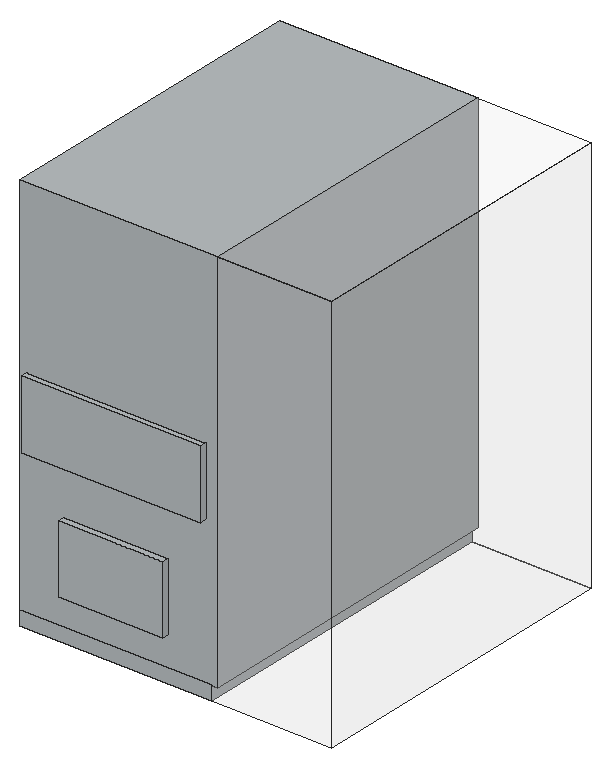
Revit family "lp-750x4-60_60Hz", category 機械設備, Revit 2019
Family settings
  丸型コネクタ寸法 = 直径を使用
  パーツ タイプ = 標準
  OmniClass 番号 = 23.75.10.34.21
  OmniClass タイトル = Heat Exchangers for Ventilation Air
  作業面ベース = いいえ
  常に垂直 = はい
  ロード時にボイドで切り取り = いいえ
  共有 = いいえ
  部屋計算ポイント = はい
Parameters (values of type "LP-750X4-60")
  騒音レベル(dB(A)) = 58.5
  風量 = 7500.0 m³/h
  面風速 = 7.75 m/s
  電源種別 [instance] = ""
  電圧 = 200 V
  電動機出力 = 3.7 W
  集中コントローラ = ""
  運転質量 = 0.00 kg
  連動 [instance] = ""
  質量 = if(製品質量 > 運転質量, 製品質量, 運転質量) * 1.2  # 1002.00 kg
  負荷分類 = 3_ファン類
  説明 = "設備用ロスナイ ビル用ロスナイパック形"
  設計風量 = 0.0 m³/h
  設置方法 = "床置形"
  記号 [instance] = ""
  製造元 = "三菱電機株式会社"
  製品質量 = 835.00 kg
  製品出荷対象 = "国内"
  製品リリース年月 = "2018/7/25"
  製品グループ = ""
  系統 [instance] = ""
  符号 = "HEU"
  積算_科目 = "1 空気調和設備"
  積算_拾い区分 [instance] = ""
  相 = 3
  盤記号 [instance] = ""
  発停方法 [instance] = ""
  特殊仕様 [instance] = ""
  火災停止 [instance] = ""
  温度交換効率 = 77.00%
  消費電力 = 7000 W
  法定耐用年数 = "15"
  機外静圧_排気 = 385.0 Pa
  機外静圧 = 385.0 Pa
  極数 = 3
  材質 [instance] = ""
  本体固定用穴ピッチ2 = 565 mm
  本体固定用穴ピッチ1 = 1930 mm
  本体固定用穴_径 = 20 mm
  本体マテリアル = 溶融亜鉛めっき鋼板
  操作・制御方式 = ""
  操作・制御スイッチ = ""
  排気量 = 0.0 m³/h
  形式 = "床置形"
  幹線記号 [instance] = ""
  対象室 [instance] = ""
  実風量 = 0.0 m³/h
  始動方式 [instance] = "直入"
  外気量 = 0.0 m³/h
  呼称 = "全熱交換ユニット"
  周波数 = 60 Hz
  参照している仕様書等のバージョン = ""
  初期抵抗 = 0.0 Pa
  分類コード = "50052504100050"
  分類グループ = ""
  価格 = 9710000
  企業コード = "108420"
  付属品_フィルター_還気 = ""
  付属品_フィルター = ""
  付属品 [instance] = ""
  仕様書バージョン = "Version1.0"
  モデル = "LP-750X4-60"
  メンテナンススペース = yes
  コメント [instance] = ""
  Keynote = ""
  エンタルピ交換効率_暖房 = 66.00%
  エンタルピ交換効率_冷房 = 60.00%
  Assembly Code = ""
  Width = 1218 mm
  W1 = 1180 mm
  Version = ""
  Uniclass2015Version = "Systems v1.9"
  Uniclass2015Title = "Thermal wheels"
  Uniclass2015Code = "Pr_60_60_36_88"
  URL = "https://www.mitsubishielectric.co.jp/ldg/wink/ssl/displayProduct.do?pid=294067"
  SpecificationReference = ""
  SpecificationDescription = ""
  SAサイズ_W = 640 mm
  SAサイズ_D = 420 mm
  Revision = ""
  RAダクト接続_通常 = yes
  RAダクト接続_変更3 = no
  RAダクト接続_変更2 = no
  RAダクト接続_変更1 = no
  RAサイズ_W = 1100 mm
  RAサイズ_D = 420 mm
  ProductInformation = ""
  OmniClassCode = "23-27 23 19 11"
  OAダクト接続_通常 = yes
  OAダクト接続_変更3 = no
  OAダクト接続_変更2 = no
  OAダクト接続_変更1 = no
  OAサイズ_W = 1100 mm
  OAサイズ_D = 420 mm
  MIN風量 = 0.0 m³/h
  MIN静圧 = 0.0 Pa
  MID風量 = 0.0 m³/h
  MID静圧 = 0.0 Pa
  MAX風量 = 7500.0 m³/h
  MAX静圧 = 385.0 Pa
  IfcTypeProduct = ""
  IfcProduct = ""
  IfcExportType = "ROTARYWHEEL"
  IfcExportAs = "IfcAirToAirHeatRecoveryType"
  Height = 2370 mm
  H1 = 90 mm
  EAサイズ_W = 640 mm
  EAサイズ_D = 420 mm
  Duct_SA_W = 273 mm
  Duct_SA_H = 274 mm
  Duct_RA_W = 43 mm
  Duct_RA_H = 296 mm
  Duct_RA_D = 49 mm
  Duct_Pitch1 = 80 mm
  Duct_OA_W = 43 mm
  Duct_OA_H = 296 mm
  Duct_OA_D = 49 mm
  Duct_Height = 41 mm
  Duct_EA_W = 273 mm
  Duct_EA_H = 274 mm
  Depth = 2000 mm
  D1 = 2000 mm
  Clearance Top = 0 mm
  Clearance Right = 700 mm
  Clearance Left = 0 mm
  Clearance Front = 0 mm
  Clearance Bottom = 0 mm
  Clearance Back = 0 mm
  Author = "三菱電機株式会社"
Reference planes
  plane 1 "中心(正面/背面)": y = 0
  plane 2: z = 0
  plane 3 "中心(左/右)": x = 0
  plane 4: x = 590
  plane 5: x = 628
  plane 6: y = 1000
  plane 7: y = 1000
  plane 8: y = -1000
  plane 9: y = -1000
  plane 10: x = -590
  plane 11: x = -590
  plane 12: y = 741
  plane 13: y = -741
  plane 14: y = -531
  plane 15: y = -951
  plane 16: y = 951
  plane 17: y = 531
  plane 18: x = -547
  plane 19: x = 553
  plane 20: z = 90
  plane 21: z = 2460
  plane 22: z = 2501
  plane 23: y = 565
  plane 24: y = -565
  plane 25: x = -965
  plane 26: x = 965
  plane 27: x = 1328
  plane 28: x = -590
  plane 29: y = 1000
  plane 30: y = -1000
  plane 31: z = 2460
  plane 32: z = 0
  plane 33: x = -317
  plane 34: x = 323
  plane 35: z = 274
  plane 36: z = 694
  plane 37: z = 990
  plane 38: z = 1410
  plane 39: x = -547
  plane 40: x = 553
  plane 41: y = -1041
  plane 42: y = 1041
  plane 43: x = -317
  plane 44: x = 323
  plane 45: z = 274
  plane 46: z = 694
  plane 47: z = 990
  plane 48: z = 1410
  plane 49: z = 1490
  plane 50: z = 1910
  plane 51: z = 1910
  plane 52: z = 1490
  plane 53: z = 1990
  plane 54: z = 1990
  plane 55: z = 2410
  plane 56: z = 2410
Forms (mm)
  Extrusion 1, solid, material "溶融亜鉛めっき鋼板" <- "本体マテリアル", detail levels fine
    sketch origin (0, 0, 0) x (1, 0, 0) y (0, 1, 0)
      loop
        line (-590, 1000) -> (-590, -1000) -> (628, -1000) -> (628, 1000) -> (-590, 1000)
    from 90 to 2460
  Extrusion 2, solid, material "溶融亜鉛めっき鋼板" <- "本体マテリアル", detail levels fine
    sketch origin (0, 0, 0) x (1, 0, 0) y (0, 1, 0)
      loop
        line (-590, 1000) -> (-590, -1000) -> (590, -1000) -> (590, 1000) -> (-590, 1000)
    from 0 to 90
  Extrusion 3, solid, material "溶融亜鉛めっき鋼板" <- "本体マテリアル", visible <- "RAダクト接続_変更1", detail levels fine
    sketch origin (0, 0, 0) x (1, 0, 0) y (0, 1, 0)
      loop
        line (-547, -951) -> (553, -951) -> (553, -531) -> (-547, -531) -> (-547, -951)
    from 2460 to 2501
  Extrusion 4, solid, material "溶融亜鉛めっき鋼板" <- "本体マテリアル", visible <- "OAダクト接続_変更1", detail levels fine
    sketch origin (0, 0, 0) x (1, 0, 0) y (0, 1, 0)
      loop
        line (-547, 951) -> (-547, 531) -> (553, 531) -> (553, 951) -> (-547, 951)
    from 2460 to 2501
  Extrusion 5, solid, material "溶融亜鉛めっき鋼板" <- "本体マテリアル", detail levels fine
    sketch origin (0, 0, 0) x (1, 0, 0) y (0, 0, 1)
      loop
        line (-317, 274) -> (323, 274) -> (323, 694) -> (-317, 694) -> (-317, 274)
    from 1000 to 1041
  Extrusion 6, solid, material "溶融亜鉛めっき鋼板" <- "本体マテリアル", detail levels fine
    sketch origin (0, 0, 0) x (1, 0, 0) y (0, 0, 1)
      loop
        line (323, 694) -> (-317, 694) -> (-317, 274) -> (323, 274) -> (323, 694)
    from -1041 to -1000
  Extrusion 7, solid, material "溶融亜鉛めっき鋼板" <- "本体マテリアル", visible <- "OAダクト接続_通常", detail levels fine
    sketch origin (0, -420, 0) x (1, 0, 0) y (0, 0, 1)
      loop
        line (-547, 990) -> (553, 990) -> (553, 1410) -> (-547, 1410) -> (-547, 990)
    from -1461 to -1420
  Extrusion 8, solid, material "溶融亜鉛めっき鋼板" <- "本体マテリアル", visible <- "RAダクト接続_通常", detail levels fine
    sketch origin (0, 240, 0) x (1, 0, 0) y (0, 0, 1)
      loop
        line (-547, 1410) -> (-547, 990) -> (553, 990) -> (553, 1410) -> (-547, 1410)
    from 1240 to 1281
  Extrusion 9, solid, material "溶融亜鉛めっき鋼板" <- "本体マテリアル", visible <- "OAダクト接続_変更3", detail levels fine
    sketch origin (0, 0, 0) x (1, 0, 0) y (0, 0, 1)
      loop
        line (553, 1490) -> (553, 1910) -> (-547, 1910) -> (-547, 1490) -> (553, 1490)
    from -1041 to -1000
  Extrusion 10, solid, material "溶融亜鉛めっき鋼板" <- "本体マテリアル", visible <- "RAダクト接続_変更3", detail levels fine
    sketch origin (0, 0, 0) x (1, 0, 0) y (0, 0, 1)
      loop
        line (553, 1490) -> (553, 1910) -> (-547, 1910) -> (-547, 1490) -> (553, 1490)
    from 1000 to 1041
  Extrusion 11, solid, material "溶融亜鉛めっき鋼板" <- "本体マテリアル", visible <- "RAダクト接続_変更2"
    sketch origin (0, 0, 0) x (1, 0, 0) y (0, 0, 1)
      loop
        line (-547, 1990) -> (553, 1990) -> (553, 2410) -> (-547, 2410) -> (-547, 1990)
    from 1000 to 1041
  Extrusion 12, solid, material "溶融亜鉛めっき鋼板" <- "本体マテリアル", visible <- "OAダクト接続_変更2"
    sketch origin (0, 0, 0) x (1, 0, 0) y (0, 0, 1)
      loop
        line (-547, 1990) -> (553, 1990) -> (553, 2410) -> (-547, 2410) -> (-547, 1990)
    from -1041 to -1000
Lines and regions (mm)
  Masking region 1, detail levels coarse+medium
    outline origin (1331.5, 88, 0) x (1, 0, 0) y (0, 1, 0)
      loop
        line (-1921.5, 912) -> (-1921.5, -1088) -> (-741.5, -1088) -> (-741.5, 912) -> (-1921.5, 912)
  symbolic lines, detail levels coarse+medium
    curve 1: line (0, 1000, 0) -> (-590, 0, 0)
    curve 2: line (-590, 0, 0) -> (0, -1000, 0)
    curve 3: line (0, -1000, 0) -> (590, 0, 0)
    curve 4: line (0, 1000, 0) -> (590, 0, 0)
Dimensions and locks
  equal spacing: plane 10, plane 3 "中心(左/右)", plane 4
  "W1": plane 10 to plane 4
  "Width": plane 11 to plane 5
  equal spacing: plane 7, plane 1 "中心(正面/背面)", plane 9
  "D1": plane 7 to plane 9
  equal spacing: plane 6, plane 1 "中心(正面/背面)", plane 8
  "Depth": plane 6 to plane 8
  equal spacing: plane 15, plane 13, plane 14
  "RAサイズ_D": plane 15 to plane 14
  equal spacing: plane 17, plane 12, plane 16
  "OAサイズ_D": plane 17 to plane 16
  "RAサイズ_W": plane 18 to plane 19
  locked: plane 11 to plane 10 at 0
  "H1": plane 20 to level
  "Height": plane 21 to plane 20
  "Duct_Height": plane 22 to plane 21
  "本体固定用穴ピッチ2": plane 1 "中心(正面/背面)" to plane 23
  "本体固定用穴ピッチ2": plane 24 to plane 1 "中心(正面/背面)"
  equal spacing: plane 25, plane 3 "中心(左/右)", plane 26
  "本体固定用穴ピッチ1": plane 25 to plane 26
  "Clearance Right": plane 5 to plane 27
  "Clearance Left": plane 28 to plane 11
  "Clearance Back": plane 29 to plane 6
  "Clearance Front": plane 8 to plane 30
  "Clearance Top": plane 31 to plane 21
  "Clearance Bottom": level to plane 32
  "Duct_RA_D": plane 8 to plane 15
  "Duct_OA_D": plane 6 to plane 16
  "Duct_SA_H": plane 35 to level
  "SAサイズ_D": plane 36 to plane 35
  "Duct_RA_H": plane 37 to plane 36
  "RAサイズ_D": plane 38 to plane 37
  "OAサイズ_W": plane 39 to plane 40
  "Duct_OA_W": plane 11 to plane 39
  "Duct_RA_W": plane 11 to plane 18
  "Duct_Height": plane 8 to plane 41
  "SAサイズ_W": plane 34 to plane 33
  "Duct_Height": plane 42 to plane 6
  "Duct_SA_W": plane 33 to plane 11
  "EAサイズ_D": plane 46 to plane 45
  "Duct_EA_H": plane 45 to level
  "Duct_EA_W": plane 43 to plane 11
  "EAサイズ_W": plane 44 to plane 43
  "OAサイズ_D": plane 48 to plane 47
  "Duct_OA_H": plane 47 to plane 46
  "Duct_Pitch1": plane 49 to plane 38
  "RAサイズ_D": plane 50 to plane 49
  "Duct_Pitch1": plane 52 to plane 48
  "OAサイズ_D": plane 51 to plane 52
  "Duct_Pitch1": plane 53 to plane 50
  "RAサイズ_D": plane 55 to plane 53
  "Duct_Pitch1": plane 54 to plane 51
  "OAサイズ_D": plane 56 to plane 54
  aligned and locked: level to plane 2
  aligned and locked: Extrusion 1 sketch curve to plane 6
  aligned and locked: plane 10 to Extrusion 1 sketch curve
  aligned and locked: Extrusion 1 sketch curve to plane 8
  aligned and locked: Extrusion 2 sketch curve to plane 7
  aligned and locked: plane 11 to Extrusion 2 sketch curve
  aligned and locked: Extrusion 2 sketch curve to plane 9
  aligned and locked: plane 15 to Extrusion 3 sketch curve
  aligned and locked: Extrusion 3 sketch curve to plane 18
  aligned and locked: plane 14 to Extrusion 3 sketch curve
  aligned and locked: Extrusion 3 sketch curve to plane 19
  aligned and locked: plane 9 to Masking region 1
  aligned and locked: Masking region 1 to plane 11
  aligned and locked: plane 7 to Masking region 1
  aligned and locked: Masking region 1 to curve 1
  aligned and locked: Masking region 1 to curve 2
  aligned and locked: plane 20 to Extrusion 2
  aligned and locked: plane 21 to Extrusion 1
  aligned and locked: Extrusion 1 to plane 20
  aligned and locked: plane 22 to Extrusion 3
  aligned and locked: Extrusion 3 to plane 21
  aligned and locked: plane 27 to nested 1
  aligned and locked: nested 1 to plane 30
  aligned and locked: nested 1 to plane 29
  aligned and locked: nested 1 to plane 31
  aligned and locked: nested 1 to plane 32
  aligned and locked: plane 9 to curve 2
  aligned and locked: plane 3 "中心(左/右)" to curve 3
  aligned and locked: plane 4 to curve 3
  aligned and locked: plane 3 "中心(左/右)" to curve 4
  aligned and locked: plane 1 "中心(正面/背面)" to curve 4
  aligned and locked: nested 2 to plane 24
  aligned and locked: plane 25 to nested 2
  aligned and locked: nested 2 to plane 26
  aligned and locked: plane 25 to nested 3
  aligned and locked: nested 3 to plane 26
  aligned and locked: plane 1 "中心(正面/背面)" to nested 3
  aligned and locked: plane 25 to nested 4
  aligned and locked: nested 4 to plane 26
  aligned and locked: nested 4 to plane 23
  aligned and locked: nested 1 to plane 28
  aligned and locked: Masking region 1 to plane 4
  aligned and locked: plane 4 to Extrusion 2 sketch curve
  aligned and locked: plane 5 to Extrusion 1 sketch curve
  aligned and locked: Extrusion 4 sketch curve to plane 16
  aligned and locked: plane 18 to Extrusion 4 sketch curve
  aligned and locked: Extrusion 4 sketch curve to plane 17
  aligned and locked: plane 22 to Extrusion 4
  aligned and locked: Extrusion 4 to plane 21
  aligned and locked: Extrusion 5 sketch curve to plane 35
  aligned and locked: Extrusion 5 sketch curve to plane 33
  aligned and locked: plane 36 to Extrusion 5 sketch curve
  aligned and locked: Extrusion 5 sketch curve to plane 34
  aligned and locked: Extrusion 5 to plane 41
  aligned and locked: Extrusion 5 to plane 8
  aligned and locked: Extrusion 6 to plane 42
  aligned and locked: Extrusion 6 to plane 6
  aligned and locked: Extrusion 7 to plane 42
  aligned and locked: Extrusion 7 to plane 6
  aligned and locked: Extrusion 8 sketch curve to plane 38
  aligned and locked: plane 18 to Extrusion 8 sketch curve
  aligned and locked: Extrusion 8 sketch curve to plane 37
  aligned and locked: plane 19 to Extrusion 8 sketch curve
  aligned and locked: Extrusion 8 to plane 41
  aligned and locked: Extrusion 8 to plane 8
  aligned and locked: plane 46 to Extrusion 6 sketch curve
  aligned and locked: plane 44 to Extrusion 6 sketch curve
  aligned and locked: Extrusion 6 sketch curve to plane 45
  aligned and locked: Extrusion 6 sketch curve to plane 43
  aligned and locked: Extrusion 7 sketch curve to plane 47
  aligned and locked: Extrusion 7 sketch curve to plane 18
  aligned and locked: plane 48 to Extrusion 7 sketch curve
  aligned and locked: plane 40 to Extrusion 4 sketch curve
  aligned and locked: Extrusion 7 sketch curve to plane 40
  aligned and locked: plane 52 to Extrusion 9 sketch curve
  aligned and locked: plane 40 to Extrusion 9 sketch curve
  aligned and locked: Extrusion 9 sketch curve to plane 51
  aligned and locked: Extrusion 9 to plane 42
  aligned and locked: Extrusion 9 to plane 6
  aligned and locked: Extrusion 10 sketch curve to plane 49
  aligned and locked: plane 19 to Extrusion 10 sketch curve
  aligned and locked: Extrusion 10 sketch curve to plane 50
  aligned and locked: plane 18 to Extrusion 10 sketch curve
  aligned and locked: plane 39 to Extrusion 9 sketch curve
  aligned and locked: Extrusion 10 to plane 41
  aligned and locked: Extrusion 10 to plane 8
  aligned and locked: Extrusion 11 sketch curve to plane 18
  aligned and locked: Extrusion 11 sketch curve to plane 19
  aligned and locked: Extrusion 11 sketch curve to plane 53
  aligned and locked: plane 55 to Extrusion 11 sketch curve
  aligned and locked: Extrusion 12 sketch curve to plane 54
  aligned and locked: Extrusion 12 sketch curve to plane 39
  aligned and locked: plane 56 to Extrusion 12 sketch curve
  aligned and locked: Extrusion 12 sketch curve to plane 40
  aligned and locked: Extrusion 12 to plane 42
  aligned and locked: Extrusion 12 to plane 6
  aligned and locked: Extrusion 11 to plane 41
  aligned and locked: Extrusion 11 to plane 8
Automatic sketch dimensions
  plane 1 "中心(正面/背面)" to curve 1 = 0 mm
  curve 1 to plane 10 = 0 mm
  curve 4 to plane 7 = 0 mm
  plane 9 to Masking region 1 sketch curve = 0 mm
  Masking region 1 sketch curve to plane 10 = 0 mm
  Masking region 1 sketch curve to plane 4 = 0 mm
  Masking region 1 sketch curve to plane 7 = 0 mm
Nested families
  nested 1: "メンテナンススペース" at (369, 0, 1230), visible <- "メンテナンススペース", type "メンテナンススペース"
    with Width 1918 mm, Height 2460 mm, Depth 2000 mm
  nested 2: "固定点" at (-965, -565, 0), type "固定点"
    with W 1930 mm, D 1000 mm
  nested 3: "固定点" at (-965, 0, 0), type "固定点"
    with W 1930 mm, D 1000 mm
  nested 4: "固定点" at (-965, 565, 0), type "固定点"
    with W 1930 mm, D 1000 mm
Connectors
  electrical at (628, 0, 1275), driven by "極数", driven by "負荷分類", driven by "電圧", driven by "消費電力"
    settings: on Extrusion 1, index 5, voltage 200 V, apparent load 7000 VA, apparent load phase1 0 VA, apparent load phase2 0 VA, apparent load phase3 0 VA, power factor 1, load classification "3_ファン類", number of poles 3, system type 30, power factor state 1, is connector primary yes, connector utility no, sub classification motor no, connector description ""
  hvac at (3, -1041, 484), driven by "SAサイズ_D", driven by "SAサイズ_W", driven by "機外静圧", driven by "風量"
    settings: on Extrusion 5, index 6, duct flow 7500.0 m³/h, flow factor 0, pres drop 385.0 Pa, loss coef 0, conn angle 0.00°, conn width 640 mm, conn height 420 mm, conn diameter 609.6 mm, duct sys type 1, conn prof type 1, flow config 0, flow direction 2, loss method 4, conn ref index -1, conn util no, is conn primary yes, conn desc ""
  hvac at (3, -1041, 1200), driven by "RAサイズ_D", driven by "RAサイズ_W", driven by "機外静圧", driven by "風量"
    settings: on Extrusion 8, index 8, duct flow 7500.0 m³/h, flow factor 0, pres drop 385.0 Pa, loss coef 0, conn angle 0.00°, conn width 1100 mm, conn height 420 mm, conn diameter 609.6 mm, duct sys type 2, conn prof type 1, flow config 0, flow direction 1, loss method 4, conn ref index -1, conn util no, is conn primary no, conn desc ""
  hvac at (3, -741, 2501), driven by "RAサイズ_D", driven by "RAサイズ_W"
    settings: on Extrusion 3, index 9, duct flow 0.0 m³/h, flow factor 0, pres drop 0.0 Pa, loss coef 0, conn angle 0.00°, conn width 1100 mm, conn height 420 mm, conn diameter 609.6 mm, duct sys type 2, conn prof type 1, flow config 0, flow direction 1, loss method 4, conn ref index -1, conn util no, is conn primary no, conn desc ""
  hvac at (3, 741, 2501), driven by "OAサイズ_D", driven by "OAサイズ_W", driven by "機外静圧", driven by "風量"
    settings: on Extrusion 4, index 10, duct flow 7500.0 m³/h, flow factor 0, pres drop 385.0 Pa, loss coef 0, conn angle 0.00°, conn width 1100 mm, conn height 420 mm, conn diameter 609.6 mm, duct sys type 4, conn prof type 1, flow config 0, flow direction 1, loss method 4, conn ref index -1, conn util no, is conn primary no, conn desc ""
  hvac at (3, 1041, 1200), driven by "OAサイズ_D", driven by "OAサイズ_W", driven by "機外静圧", driven by "風量"
    settings: on Extrusion 7, index 11, duct flow 7500.0 m³/h, flow factor 0, pres drop 385.0 Pa, loss coef 0, conn angle 0.00°, conn width 1100 mm, conn height 420 mm, conn diameter 609.6 mm, duct sys type 4, conn prof type 1, flow config 0, flow direction 1, loss method 4, conn ref index -1, conn util no, is conn primary no, conn desc ""
  hvac at (3, 1041, 484), driven by "EAサイズ_D", driven by "EAサイズ_W", driven by "機外静圧_排気", driven by "排気量"
    settings: on Extrusion 6, index 12, duct flow 0.0 m³/h, flow factor 0, pres drop 385.0 Pa, loss coef 0, conn angle 0.00°, conn width 640 mm, conn height 420 mm, conn diameter 609.6 mm, duct sys type 3, conn prof type 1, flow config 0, flow direction 2, loss method 4, conn ref index -1, conn util no, is conn primary no, conn desc ""
  hvac at (3, -1041, 1700), driven by "RAサイズ_D", driven by "RAサイズ_W", driven by "機外静圧", driven by "風量"
    settings: on Extrusion 10, index 13, duct flow 7500.0 m³/h, flow factor 0, pres drop 385.0 Pa, loss coef 0, conn angle 0.00°, conn width 1100 mm, conn height 420 mm, conn diameter 609.6 mm, duct sys type 2, conn prof type 1, flow config 0, flow direction 1, loss method 4, conn ref index -1, conn util no, is conn primary no, conn desc ""
  hvac at (3, 1041, 1700), driven by "OAサイズ_D", driven by "OAサイズ_W", driven by "機外静圧", driven by "風量"
    settings: on Extrusion 9, index 14, duct flow 7500.0 m³/h, flow factor 0, pres drop 385.0 Pa, loss coef 0, conn angle 0.00°, conn width 1100 mm, conn height 420 mm, conn diameter 609.6 mm, duct sys type 4, conn prof type 1, flow config 0, flow direction 1, loss method 4, conn ref index -1, conn util no, is conn primary no, conn desc ""
  hvac at (3, -1041, 2200), driven by "RAサイズ_D", driven by "RAサイズ_W", driven by "機外静圧", driven by "風量"
    settings: on Extrusion 11, index 16, duct flow 7500.0 m³/h, flow factor 0, pres drop 385.0 Pa, loss coef 0, conn angle 0.00°, conn width 1100 mm, conn height 420 mm, conn diameter 609.6 mm, duct sys type 2, conn prof type 1, flow config 0, flow direction 1, loss method 4, conn ref index -1, conn util no, is conn primary no, conn desc ""
  hvac at (3, 1041, 2200), driven by "OAサイズ_D", driven by "OAサイズ_W", driven by "機外静圧", driven by "風量"
    settings: on Extrusion 12, index 18, duct flow 7500.0 m³/h, flow factor 0, pres drop 385.0 Pa, loss coef 0, conn angle 0.00°, conn width 1100 mm, conn height 420 mm, conn diameter 609.6 mm, duct sys type 4, conn prof type 1, flow config 0, flow direction 1, loss method 4, conn ref index -1, conn util no, is conn primary no, conn desc ""
Definition of nested family "メンテナンススペース"
  Parameters (values of type "メンテナンススペース")
    Width [instance] = 500 mm
    Height [instance] = 500 mm
    Depth [instance] = 500 mm
  Reference planes
    plane 1 "中心(正面/背面)": y = 0
    plane 2: z = 0
    plane 3 "中心(左/右)": x = 0
    plane 4: y = -250
    plane 5: x = 250
    plane 6: y = 250
    plane 7: x = -250
    plane 8: z = 250
    plane 9: z = -250
  Forms (mm)
    Extrusion 1, solid
      sketch origin (-638.939, 0, 72.39) x (1, 0, 0) y (0, 1, 0)
        loop
          line (388.939, 250) -> (388.939, -250) -> (888.939, -250) -> (888.939, 250) -> (388.939, 250)
      from -322.39 to 177.61
  Lines and regions (mm)
    symbolic lines
      curve 1: line (-250, 0, 250) -> (250, 0, 250)
      curve 2: line (-250, 0, -250) -> (-250, 0, 250)
      curve 3: line (250, 0, -250) -> (-250, 0, -250)
      curve 4: line (250, 0, 250) -> (250, 0, -250)
      curve 5: line (0, -250, 250) -> (0, 250, 250)
      curve 6: line (0, -250, -250) -> (0, -250, 250)
      curve 7: line (0, 250, -250) -> (0, -250, -250)
      curve 8: line (0, 250, 250) -> (0, 250, -250)
      curve 9: line (-250, 250, 0) -> (250, 250, 0)
      curve 10: line (-250, -250, 0) -> (-250, 250, 0)
      curve 11: line (250, -250, 0) -> (-250, -250, 0)
      curve 12: line (250, 250, 0) -> (250, -250, 0)
  Dimensions and locks
    equal spacing: plane 7, plane 3 "中心(左/右)", plane 5
    equal spacing: plane 4, plane 1 "中心(正面/背面)", plane 6
    "Depth": plane 4 to plane 6
    "Width": plane 7 to plane 5
    equal spacing: plane 8, plane 2, plane 9
    "Height": plane 8 to plane 9
    aligned and locked: plane 9 to curve 3
    aligned and locked: plane 7 to curve 2
    aligned and locked: curve 4 to plane 5
    aligned and locked: plane 5 to Extrusion 1
    aligned and locked: Extrusion 1 to plane 7
    aligned and locked: Extrusion 1 to plane 9
    aligned and locked: plane 8 to Extrusion 1
    aligned and locked: plane 9 to curve 7
  Automatic sketch dimensions
    plane 4 to Extrusion 1 sketch curve = 0 mm
    Extrusion 1 sketch curve to plane 7 = 0 mm
    Extrusion 1 sketch curve to plane 5 = 0 mm
    plane 6 to Extrusion 1 sketch curve = 0 mm
    curve 2 to plane 8 = 0 mm
    plane 4 to curve 11 = 0 mm
    curve 11 to plane 7 = 0 mm
    curve 11 to plane 5 = 0 mm
    plane 6 to curve 10 = 0 mm
    curve 7 to plane 4 = 0 mm
    curve 7 to plane 6 = 0 mm
    curve 6 to plane 8 = 0 mm
Definition of nested family "固定点"
  Parameters (values of type "固定点")
    中心円 = 20 mm
    W [instance] = 1000 mm
    D [instance] = 1000 mm
  Reference planes
    plane 1 "中心(正面/背面)": y = 0
    plane 2: z = 0
    plane 3 "中心(左/右)": x = 0
    plane 4: x = 1000
  Lines and regions (mm)
    symbolic lines, detail levels fine
      curve 1: circle (0, 0, 0) r 10 normal (0, 0, 1)
      curve 2: circle (1000, 0, 0) r 10 normal (0, 0, 1)
      curve 3: line (-200, 0, 0) -> (1200, 0, 0)
      curve 4: line (0, 200, 0) -> (0, -200, 0)
      curve 5: line (1000, 200, 0) -> (1000, -200, 0)
  Dimensions and locks
    "W": plane 3 "中心(左/右)" to plane 4
    "中心円": diameter of curve 1
    "中心円": diameter of curve 2
    aligned and locked: level to plane 2
    aligned and locked: plane 3 "中心(左/右)" to curve 1
    aligned and locked: plane 1 "中心(正面/背面)" to curve 1
    aligned and locked: plane 1 "中心(正面/背面)" to curve 2
    aligned and locked: plane 4 to curve 2
    aligned and locked: plane 1 "中心(正面/背面)" to curve 3
    aligned and locked: curve 4 to plane 3 "中心(左/右)"
    aligned and locked: curve 5 to plane 4
  Automatic sketch dimensions
    curve 3 to plane 3 "中心(左/右)" = 200 mm
    curve 2 to curve 3 = 200 mm
    plane 1 "中心(正面/背面)" to curve 4 = 200 mm
    plane 1 "中心(正面/背面)" to curve 5 = 200 mm
    curve 5 to plane 1 "中心(正面/背面)" = 200 mm
    curve 4 to plane 1 "中心(正面/背面)" = 200 mm
